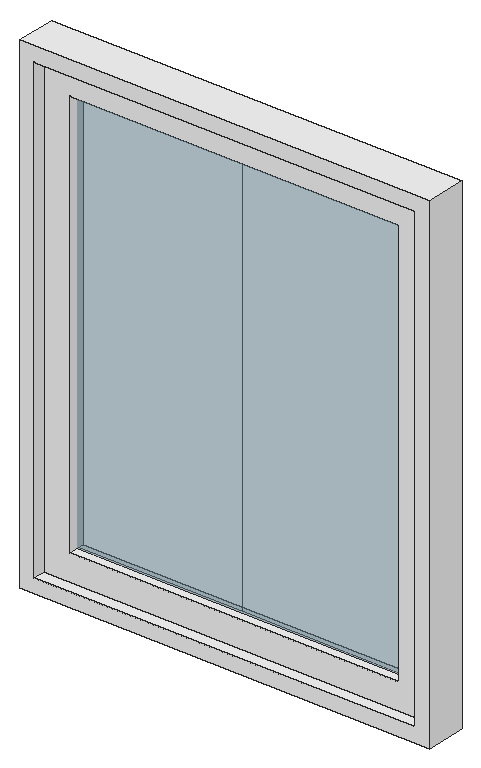
Revit family
Parameters (values of type "10 X 12")
  Assembly Code = ""
  Cost = 434204
  Top Rail = 50 mm
  Stile = 50 mm
  Shutter = 합성수지
  Panel = Glass (2)
  Height = 1210 mm
  Frame Width = 50 mm
  Frame Depth = 100 mm
  Frame = 합성수지
  Default Sill Height = 0 mm
  Wall Closure = (empty or 0)
  Width = 1010 mm
  Bottom Rail = 50 mm
Reference planes
  plane 1: y = 5
  plane 2 "Center (Left/Right)": x = 0
  plane 3 "Left": x = -505
  plane 4 "Right": x = 505
  plane 5 "Sill": z = 0
  plane 6 "Head": z = 1210
  plane 7 "Exterior": y = 80
  plane 8 "Interior": y = -70
  plane 9: x = -455
  plane 10: x = 455
  plane 11: y = 55
  plane 12: y = -45
  plane 13: z = 1160
  plane 14: z = 50
  plane 15: x = -405
  plane 16: x = 405
  plane 17: z = 1110
  plane 18: z = 100
  plane 19: x = -50
  plane 20: x = 50
  plane 21: z = 605
Forms (mm)
  Sweep 1, solid, material "합성수지" <- "Frame"
    path origin (0, 5.744, -44.994) x (1, 0, 0) y (0, 0, 1)
      loop
        line (-350, 200) -> (350, 200) -> (350, 1100) -> (-350, 1100) -> (-350, 200)
    profile origin (0, 0, 605.006) x (-1, 0, 0) y (0, -1, 0)
      loop
        line (505, 43.66) -> (470, 43.66) -> (470, 8.66) -> (455, 8.66) -> (455, -56.34) -> (505, -56.34) -> (505, 43.66)
  Extrusion 2, solid, material "합성수지" <- "Shutter"
    sketch origin (0, -45, 0) x (1, 0, 0) y (0, 0, 1)
      loop
        line (455, 35.006) -> (455, 1175.006) -> (-470, 1175.006) -> (-470, 35.006) -> (455, 35.006)
      loop
        line (-405, 1110) -> (-405, 100) -> (406.59, 100) -> (406.59, 1110) -> (-405, 1110)
    from -30.595 to -69.224
  Extrusion 3, solid, material "Glass (2)" <- "Panel"
    sketch origin (0, 0, 100) x (0, -1, 0) y (-1, 0, 0)
      loop
        line (-11.003, 0) -> (-11.003, -406.59) -> (-5.5, -406.59) -> (-5.5, 454.66) -> (-11.003, 454.66) -> (-11.003, 0)
    from 0 to -1060.006
Lines and regions (mm)
  Opening 1
    outline origin (3500, -70, 0) x (1, 0, 0) y (0, 0, 1)
      loop
        line (-2995, 0) -> (-2995, 1210) -> (-4005, 1210) -> (-4005, 0) -> (-2995, 0)
  symbolic lines, style "WindowsFrameMullionProjection", detail levels medium+fine
    curve 1: line (-505, 56.34, 0) -> (-470, 56.34, 0)
    curve 2: line (-470, -14.405, 0) -> (-470, -45, 0)
    curve 3: line (-505, -45, 0) -> (-470, -45, 0)
    curve 4: line (505, 56.34, 0) -> (455, 56.34, 0)
    curve 5: line (455, -8.66, 0) -> (470, -8.66, 0)
    curve 6: line (470, -8.66, 0) -> (470, -43.66, 0)
    curve 7: line (470, -43.66, 0) -> (505, -43.66, 0)
    curve 8: line (505, -43.66, 0) -> (505, 56.34, 0)
    curve 10: line (-505, 56.34, 0) -> (-505, -45, 0)
  symbolic lines, style "Plan Swing"
    curve 9: line (-470, -45, 0) -> (470, -43.66, 0)
  symbolic lines, style "WindowsFrameMullionProjection", detail levels coarse
    curve 11: line (-470, -45, 0) -> (-505, -45, 0)
    curve 12: line (-470, 56.34, 0) -> (-470, -45, 0)
    curve 13: line (-505, 56.34, 0) -> (-455, 56.34, 0)
    curve 14: line (-505, -45, 0) -> (-505, 56.34, 0)
    curve 15: line (470, -43.66, 0) -> (505, -43.66, 0)
    curve 16: line (470, 56.34, 0) -> (470, -43.66, 0)
    curve 17: line (505, 56.34, 0) -> (470, 56.34, 0)
    curve 18: line (505, -43.66, 0) -> (505, 56.34, 0)
    curve 32: line (-455, 56.34, 0) -> (-455, -8.66, 0)
    curve 33: line (-455, -8.66, 0) -> (-470, -8.66, 0)
    curve 34: line (455, 56.34, 0) -> (455, -8.66, 0)
  symbolic lines, style "Elevation Swing Coarse", detail levels coarse
    curve 19: line (455, 0, 605) -> (0, 0, 1005)
    curve 20: line (455, 0, 605) -> (0, 0, 95)
    curve 21: line (0, 0, 1005) -> (-455, 0, 605)
    curve 22: line (0, 0, 95) -> (-455, 0, 605)
  symbolic lines, style "Plan Swing", detail levels coarse
    curve 23: line (-470, -8.66, 0) -> (470, -8.66, 0)
  symbolic lines, style "Elevation Swing Medium", detail levels medium
    curve 24: line (455, 0, 605) -> (0, 0, 1005)
    curve 25: line (455, 0, 605) -> (0, 0, 95)
    curve 26: line (0, 0, 1005) -> (-455, 0, 605)
    curve 27: line (0, 0, 95) -> (-455, 0, 605)
  symbolic lines, style "Elevation Swing Fine", detail levels fine
    curve 28: line (455, 0, 605) -> (0, 0, 1005)
    curve 29: line (455, 0, 605) -> (0, 0, 95)
    curve 30: line (0, 0, 1005) -> (-455, 0, 605)
    curve 31: line (0, 0, 95) -> (-455, 0, 605)
Text (mm)
  text "EXTERIOR" at (-1963.203, 1332.353, 0), in view "Ref. Level"
  text "INTERIOR" at (-1981.466, -818.386, 0), in view "Ref. Level"
  text "Exterior" at (0, 923.751, 2943.296), in view "Right"
  text "Exterior" at (0, 1040.484, 2685.409), in view "Left"
Dimensions and locks
  equal spacing: plane 3 "Left", plane 2 "Center (Left/Right)", plane 4 "Right"
  "Width": plane 3 "Left" to plane 4 "Right"
  "Height": plane 5 "Sill" to plane 6 "Head"
  "Default Sill Height": plane 5 "Sill" to level
  locked: plane 7 "Exterior" to host wall at 0
  locked: plane 8 "Interior" to host wall
  locked: Sweep 1 sketch curve to Sweep 1 sketch curve at 15
  locked: Sweep 1 sketch curve to Sweep 1 sketch curve at 35
  "Frame Width": plane 3 "Left" to plane 9
  "Frame Width": plane 10 to plane 4 "Right"
  "Frame Depth": plane 12 to plane 11
  "Frame Width": plane 6 "Head" to plane 13
  "Frame Width": plane 14 to plane 5 "Sill"
  "Stile": plane 15 to plane 9
  "Stile": plane 10 to plane 16
  "Stile": plane 2 "Center (Left/Right)" to plane 19
  "Stile": plane 20 to plane 2 "Center (Left/Right)"
  "Top Rail": plane 13 to plane 17
  "Bottom Rail": plane 18 to plane 14
  equal spacing: plane 6 "Head", plane 21, plane 5 "Sill"
  equal spacing: plane 8 "Interior", plane 1, plane 7 "Exterior"
  aligned and locked: Sweep 1 sketch curve to plane 3 "Left"
  aligned and locked: plane 9 to Sweep 1 sketch curve
  aligned and locked: plane 15 to Extrusion 2 sketch curve
  aligned and locked: plane 17 to Extrusion 2 sketch curve
  aligned and locked: plane 18 to Extrusion 2 sketch curve
  aligned and locked: curve 1 to Sweep 1  (x2)
  aligned and locked: Sweep 1 to curve 3
  aligned and locked: Sweep 1 to curve 4
  aligned and locked: Sweep 1 to curve 5
  aligned and locked: Sweep 1 to curve 6
  aligned and locked: curve 10 to curve 3
  aligned and locked: curve 18 to Sweep 1  (x2)
  aligned and locked: curve 23 to Sweep 1
  aligned: Extrusion 2 to curve 2
Automatic sketch dimensions
  curve 26 to plane 2 "Center (Left/Right)" = 0 mm
  curve 21 to plane 9 = 0 mm
  curve 21 to plane 21 = 0 mm
  curve 24 to plane 10 = 0 mm
  curve 24 to plane 21 = 0 mm
  curve 29 to plane 2 "Center (Left/Right)" = 0 mm
  curve 30 to plane 21 = 400 mm
  plane 21 to curve 29 = 510 mm
  Opening 1 sketch curve to level = 0 mm
  Opening 1 sketch curve to plane 3 "Left" = 0 mm
  Opening 1 sketch curve to plane 4 "Right" = 0 mm
  Opening 1 sketch curve to plane 6 "Head" = 0 mm
  plane 15 to Sweep 1 sketch curve = 55 mm
  Sweep 1 sketch curve to plane 16 = 55 mm
  Sweep 1 sketch curve to plane 18 = 55.006 mm
  plane 17 to Sweep 1 sketch curve = 54.994 mm
  Sweep 1 sketch curve to Sweep 1 sketch curve = 65 mm
  curve 10 to plane 3 "Left" = 0 mm
  curve 12 to plane 12 = 0 mm
  curve 13 to plane 9 = 0 mm
  curve 5 to plane 10 = 0 mm
  curve 4 to plane 10 = 0 mm
  curve 12 to plane 9 = 15 mm
  plane 10 to curve 23 = 15 mm
  curve 2 to curve 23 = 5.744 mm
  curve 10 to curve 1 = 0 mm
  curve 33 to plane 9 = 0 mm
  curve 34 to plane 10 = 0 mm
  curve 33 to plane 9 = 15 mm
  host wall to curve 32 = 13.66 mm
  curve 32 to plane 11 = 1.34 mm
  curve 34 to plane 11 = 1.34 mm
  host wall to curve 34 = 13.66 mm
  plane 9 to Extrusion 3 sketch curve = 0.34 mm
  Extrusion 3 sketch curve to plane 2 "Center (Left/Right)" = 0 mm
  Extrusion 3 sketch curve to host wall = 6.003 mm
  plane 16 to Extrusion 3 sketch curve = 1.59 mm
  Extrusion 3 sketch curve to host wall = 0.5 mm
  Extrusion 2 sketch curve to plane 10 = 0 mm
  Extrusion 2 sketch curve to plane 9 = 15 mm
  plane 16 to Extrusion 2 sketch curve = 1.59 mm
  plane 14 to Extrusion 2 sketch curve = 14.994 mm
  Extrusion 2 sketch curve to plane 13 = 15.006 mm
